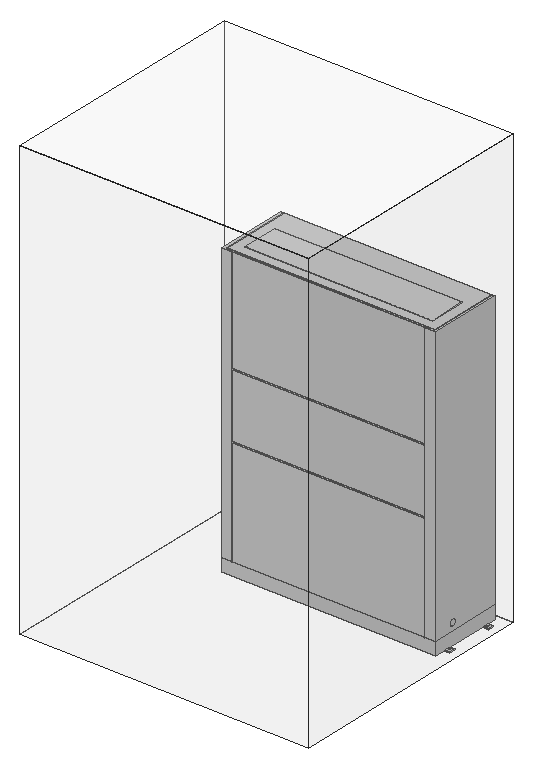
Revit family "pffy-p280rmg9-f_50Hz", category 機械設備, Revit 2019
Family settings
  丸型コネクタ寸法 = 直径を使用
  パーツ タイプ = 標準
  OmniClass 番号 = 23.75.10.24.21.27.27
  OmniClass タイトル = Split System Air Conditioning Units
  作業面ベース = いいえ
  常に垂直 = はい
  ロード時にボイドで切り取り = いいえ
  共有 = いいえ
  部屋計算ポイント = いいえ
Parameters (values of type "PFFY-P280RMG9-F")
  風量（m3／min） = 32.7
  風量 = MAX風量  # 1962.0 m³/h
  音響パワーレベル(dB) = 72
  電源種別 = ""
  電圧_電気ヒーター = 0 V
  電圧 = 200 V
  電動機出力_送風機 = 0.27 kW
  運転質量 = 0.00 kg
  連動 = ""
  質量 = if(製品質量 > 運転質量, 製品質量, 運転質量) * 1.2  # 206.40 kg
  負荷分類 = 3_ファン類
  説明 = "ビル用マルチエアコン オールフレッシュ　室内機"
  設計暖房能力 [instance] = 0 kW
  設計冷房能力_顕熱 [instance] = 0 kW
  設計冷房能力 [instance] = 0 kW
  設置方法 = "床置形"
  記号 [instance] = ""
  製造元 = "三菱電機株式会社"
  製品質量 = 172.00 kg
  製品出荷対象 = "国内"
  製品リリース年月 = "2022年9月15日"
  製品グループ = ""
  系統 [instance] = ""
  符号 = "ACP-FRV(D)"
  積算_科目 = "1 空気調和設備"
  積算_拾い区分 [instance] = ""
  相_電気ヒーター = 1
  相 = 3
  盤記号 [instance] = ""
  発停方法 = ""
  特殊仕様 [instance] = ""
  火災停止 = ""
  消費電力_電気ヒーター = 0 kW
  消費電力_暖房 = 0.38 kW
  消費電力_加湿器 = 0 kW
  消費電力_冷房 = 0.38 kW
  消費電力 = if(消費電力_冷房 > 消費電力_暖房, 消費電力_冷房, 消費電力_暖房) + 消費電力_加湿器 + 消費電力_電気ヒーター  # 0.38 kW
  法定耐用年数 = "15"
  機械基礎質量 [instance] = 0.00 kg
  機械基礎_W = 0 mm
  機械基礎_H = 0 mm
  機械基礎_D = 0 mm
  機械基礎 [instance] = no
  機外静圧 = 150.0 Pa
  極数 = 3
  材質 [instance] = ""
  本体マテリアル = none
  有効加湿量 = 0
  暖房能力 = 26.5 kW
  形式_加湿器 = ""
  形式 = "床置（露出）立形"
  形名 = PFFY-P-RMG : PFFY-P280RMG9
  幹線記号 [instance] = ""
  始動方式 = "直入"
  呼称 = "室内機_床置(露出)立形(ダクト吹)"
  周波数 = 50 Hz
  台数_手元リモコン [instance] = ""
  台数_冷媒分岐ユニット [instance] = ""
  参照している仕様書等のバージョン = "公共建築工事標準仕様書（機械設備工事編）平成31年度版"
  加湿給水管径 = 0.00 mm
  分類コード = "50053003221100"
  分類グループ = ""
  冷房能力 = 28 kW
  冷媒高低圧ガス管径 = 0.00 mm
  冷媒管径符号 = "Bf"
  冷媒管径 = 100.00 mm
  冷媒液管径 = 9.52 mm
  冷媒ガス管径 = 22.20 mm
  価格 = 0
  企業コード = "108420"
  付属品_フィルター = ""
  付属品 [instance] = ""
  仕様書バージョン = "Version1.0"
  モデル = "PFFY-P280RMG9-F"
  ドレン管径 = 34.00 mm
  ダクト高 = 250 mm
  ダクト幅 = 1260 mm
  コメント [instance] = ""
  Keynote = ""
  Width = 1440 mm
  Version = ""
  Uniclass2015Version = "Systems v1.9"
  Uniclass2015Title = "Split coil remote air cooled condensing units"
  Uniclass2015Code = "Pr_70_65_03_84"
  URL = "https://www.mitsubishielectric.co.jp/ldg/wink/ssl/displayProduct.do?pid=317110"
  S寸法 = 0 mm
  SpecificationReference = ""
  SpecificationDescription = ""
  Revision = ""
  ProductInformation = ""
  OmniClassCode = "23-33 17 13 11"
  OAサイズ_W = 430 mm
  OAサイズ_D = 430 mm
  MAX風量 = 風量（m3／min） * 60.0 m³/h  # 1962.0 m³/h
  IfcTypeProduct = ""
  IfcProduct = ""
  IfcExportType = "AIRCONDITIONINGUNIT"
  IfcExportAs = "IfcUnitaryEquipmentType"
  Height = 1950 mm
  Depth = 500 mm
  Clearance Top = 1000 mm
  Clearance Right = 100 mm
  Clearance Left = 400 mm
  Clearance Front = 500 mm
  Clearance Back = 30 mm
  Author = "三菱電機株式会社"
Reference planes
  plane 1: z = -150
  plane 2: z = 1800
  plane 3: z = -150
  plane 4: z = 2800
  plane 5 "中心(正面/背面)": y = -250
  plane 6 "左": x = -720
  plane 7 "右": x = 720
  plane 8 "正面": y = -500
  plane 9 "背面": y = 0
  plane 10: x = 0
  plane 11: x = -875
  plane 12: y = 0
  plane 13: y = -500
  plane 14: x = 720
  plane 15: y = 30
  plane 16: x = 820
  plane 17: x = -1120
  plane 18: y = -1000
  plane 19 "配管_左": x = -723
  plane 20 "電源_右": x = 723
  plane 21 "吸込口_高さ2": z = -45
  plane 22 "吸込口_高さ1": z = 385
  plane 23 "吸込口_幅2": y = -465
  plane 24 "吸込口_幅1": y = -35
Forms (mm)
  Extrusion 1, solid
    sketch origin (-720, 0, 1800) x (0, 0, -1) y (0, -1, 0)
      loop
        line (1415, 35) -> (1845, 35) -> (1845, 465) -> (1415, 465) -> (1415, 35)
    from 0 to 1
Dimensions and locks
  "Height": plane 1 to plane 2
  "Clearance Top": plane 4 to plane 2
  "Width": plane 6 "左" to plane 7 "右"
  equal spacing: plane 8 "正面", plane 5 "中心(正面/背面)", plane 9 "背面"
  "Depth": plane 8 "正面" to plane 9 "背面"
  "S寸法": plane 9 "背面" to plane 12
  "S寸法": plane 13 to plane 8 "正面"
  "S寸法": plane 7 "右" to plane 14
  "Clearance Back": plane 9 "背面" to plane 15
  "Clearance Right": plane 7 "右" to plane 16
  "Clearance Left": plane 17 to plane 6 "左"
  "Clearance Front": plane 18 to plane 8 "正面"
  equal spacing: plane 6 "左", plane 10, plane 7 "右"
  locked: plane 14 to plane 20 "電源_右" at 3
  locked: plane 19 "配管_左" to plane 6 "左" at 3
  aligned and locked: nested 1 to plane 17
  aligned and locked: nested 1 to plane 16
  aligned and locked: plane 15 to nested 1
  aligned and locked: plane 1 to plane 3
  aligned and locked: plane 10 to nested 2
  aligned and locked: plane 4 to nested 1
  aligned and locked: plane 5 "中心(正面/背面)" to nested 2
Automatic sketch dimensions
  Extrusion 1 sketch curve to nested 2 = 35 mm
  nested 2 to Extrusion 1 sketch curve = 450 mm
  nested 2 to Extrusion 1 sketch curve = 20 mm
  nested 2 to Extrusion 1 sketch curve = 35 mm
Nested families
  nested 1: "サービススペース(PFFY-P-DMG)" at (-150, -830, 1325), type "サービススペース(PFFY-P-DMG)"
    with Width 1940 mm, Height 2950 mm, Depth 1720 mm
  nested 2: "PFFY-P-RMG" at (0, -250, -150), type <- "形名", マテリアル1 <- "本体マテリアル", type "PFFY-P280RMG9"
    with 表示 yes, マテリアル2 none, マテリアル1 none
Connectors
  piping at (-723, -325, 760), diameter 100, driven by "冷媒管径符号", driven by "冷媒管径"
    settings: on nested 2, index 1, connector inside diameter 609.60 mm, connector length 0 mm, flow factor 0, pipe flow 0.0 L/s, pressure drop 0.0 Pa, fitting loss kfactor 0, connector angle 0.00°, fixture units 0, engagement length 0 mm, angle of deflection 0.00°, flow configuration 1, flow direction 1, fitting loss method 4, system type 7, joint type 0, gender type 0, connector reference index -1, connector utility 0, adjustable connector no, is connector primary yes, connector description "Bf"
  piping at (-723, -245, -120), diameter 34
    settings: on nested 2, index 2, connector inside diameter 609.60 mm, connector length 0 mm, flow factor 0, pipe flow 0.0 L/s, pressure drop 0.0 Pa, fitting loss kfactor 0, connector angle 0.00°, fixture units 0, engagement length 0 mm, angle of deflection 0.00°, flow configuration 1, flow direction 2, fitting loss method 4, system type 16, joint type 0, gender type 0, connector reference index -1, connector utility 0, adjustable connector no, is connector primary no, connector description ""
  electrical at (723, -360, -10), driven by "電圧", driven by "消費電力", driven by "極数", driven by "負荷分類"
    settings: on nested 2, index 3, voltage 200 V, apparent load 380 VA, apparent load phase1 0 VA, apparent load phase2 0 VA, apparent load phase3 0 VA, power factor 1, load classification "3_ファン類", number of poles 3, system type 30, power factor state 1, is connector primary yes, connector utility no, sub classification motor no, connector description ""
  hvac at (-720, -250, 170), driven by "OAサイズ_D", driven by "OAサイズ_W", driven by "機外静圧", driven by "風量"
    settings: on Extrusion 1, index 4, duct flow 1962.0 m³/h, flow factor 0, pres drop 150.0 Pa, loss coef 0, conn angle 0.00°, conn width 430 mm, conn height 430 mm, conn diameter 609.6 mm, duct sys type 29, conn prof type 1, flow config 0, flow direction 1, loss method 4, conn ref index -1, conn util no, is conn primary yes, conn desc ""
  hvac at (0, -288, 1801), driven by "ダクト幅", driven by "ダクト高", driven by "機外静圧", driven by "風量"
    settings: on nested 2, index 5, duct flow 1962.0 m³/h, flow factor 0, pres drop 150.0 Pa, loss coef 0, conn angle 0.00°, conn width 1260 mm, conn height 250 mm, conn diameter 609.6 mm, duct sys type 1, conn prof type 1, flow config 0, flow direction 2, loss method 4, conn ref index -1, conn util no, is conn primary no, conn desc ""
Definition of nested family "サービススペース(PFFY-P-DMG)"
  Parameters (values of type "サービススペース")
    Width [instance] = 500 mm
    Height [instance] = 500 mm
    Depth [instance] = 500 mm
  Reference planes
    plane 1 "中心(正面/背面)": y = 0
    plane 2: z = 0
    plane 3 "中心(左/右)": x = 0
    plane 4: y = -250
    plane 5: x = 250
    plane 6: y = 250
    plane 7: x = -250
    plane 8: z = 250
    plane 9: z = -250
  Forms (mm)
    Extrusion 1, solid
      sketch origin (-638.939, 0, 72.39) x (1, 0, 0) y (0, 1, 0)
        loop
          line (388.939, 250) -> (388.939, -250) -> (888.939, -250) -> (888.939, 250) -> (388.939, 250)
      from -322.39 to 177.61
  Lines and regions (mm)
    symbolic lines
      curve 1: line (-250, 0, 250) -> (250, 0, 250)
      curve 2: line (-250, 0, -250) -> (-250, 0, 250)
      curve 3: line (250, 0, -250) -> (-250, 0, -250)
      curve 4: line (250, 0, 250) -> (250, 0, -250)
      curve 5: line (0, -250, 250) -> (0, 250, 250)
      curve 6: line (0, -250, -250) -> (0, -250, 250)
      curve 7: line (0, 250, -250) -> (0, -250, -250)
      curve 8: line (0, 250, 250) -> (0, 250, -250)
      curve 9: line (-250, 250, 0) -> (250, 250, 0)
      curve 10: line (-250, -250, 0) -> (-250, 250, 0)
      curve 11: line (250, -250, 0) -> (-250, -250, 0)
      curve 12: line (250, 250, 0) -> (250, -250, 0)
  Dimensions and locks
    equal spacing: plane 7, plane 3 "中心(左/右)", plane 5
    equal spacing: plane 4, plane 1 "中心(正面/背面)", plane 6
    "Depth": plane 4 to plane 6
    "Width": plane 7 to plane 5
    equal spacing: plane 8, plane 2, plane 9
    "Height": plane 8 to plane 9
    aligned and locked: plane 9 to curve 3
    aligned and locked: plane 7 to curve 2
    aligned and locked: curve 4 to plane 5
    aligned and locked: plane 5 to Extrusion 1
    aligned and locked: Extrusion 1 to plane 7
    aligned and locked: Extrusion 1 to plane 9
    aligned and locked: plane 8 to Extrusion 1
    aligned and locked: plane 9 to curve 7
  Automatic sketch dimensions
    plane 4 to Extrusion 1 sketch curve = 0 mm
    Extrusion 1 sketch curve to plane 7 = 0 mm
    Extrusion 1 sketch curve to plane 5 = 0 mm
    plane 6 to Extrusion 1 sketch curve = 0 mm
    curve 2 to plane 8 = 0 mm
    plane 4 to curve 11 = 0 mm
    curve 11 to plane 7 = 0 mm
    curve 11 to plane 5 = 0 mm
    plane 6 to curve 10 = 0 mm
    curve 7 to plane 4 = 0 mm
    curve 7 to plane 6 = 0 mm
    curve 6 to plane 8 = 0 mm
Definition of nested family "PFFY-P-RMG"
  Parameters (values of type "PFFY-P280RMG9")
    液径 = 9.52 mm
    液-W = 0 mm
    液-H = 910 mm
    液-D = 225 mm
    高 = 1950 mm
    電源径 = 36 mm
    電源-W = 0 mm
    電源-H = 140 mm
    電源-D = 140 mm
    表示 [instance] = yes
    幅 = 1440 mm
    奥行 = 500 mm
    吹出し口-W = 1260 mm
    吹出し口-D = 250 mm
    吊りボルト径 = 12 mm
    吊りボルト-W = 1482 mm
    吊りボルト-D = 320 mm
    吊りボルト-H = 0 mm
    冷媒径 = 100 mm
    ガス径 = 22.2 mm
    ガス-W = 0 mm
    ガス-H = 910 mm
    ガス-D = 125 mm
    マテリアル2 [instance] = none
    マテリアル1 [instance] = none
    ドレン径 = 34 mm  # constant formula
    ドレン-W = 0 mm
    ドレン-H = 30 mm
    ドレン-D = 255 mm
  Types (4, lengths in mm): name | 幅 | 吹出し口-W | 吊りボルト-W | ガス径
    PFFY-P280RMG9 | 1440 | 1260 | 1482 | 22.2
    PFFY-P112RMG9 | 980 | 800 | 1022 | 15.88
    PFFY-P140RMG9 | 980 | 800 | 1022 | 15.88
    PFFY-P224RMG9 | 1200 | 1020 | 1242 | 19.05
  Reference planes
    plane 1 "中心(正面/背面)": y = 0
    plane 2: z = 0
    plane 3 "中心(左/右)": x = 0
    plane 4: x = 720
    plane 5: x = -720
    plane 6: y = 250
    plane 7: y = -250
    plane 8: z = 1250
    plane 9: z = 1950
    plane 10: z = 85
    plane 11 "吊りボルト-W2": x = 741
    plane 12 "吊りボルト-W1": x = -741
    plane 13 "ドレン-H": z = 30
    plane 14 "電源穴-H": z = 140
    plane 15: z = 910
    plane 16: z = 910
    plane 17: z = 1240
    plane 18: x = 760
    plane 19: x = -760
    plane 20: y = 130
    plane 21: z = 5
    plane 22 "冷媒管-H": z = 910
    plane 23: z = 800
    plane 24: z = 810
    plane 25 "67-20": y = -183
    plane 26 "吹出し口-D2": y = -163
    plane 27 "吹出し口-D1": y = 87
    plane 28: x = 650
    plane 29 "吹出し口-幅2": x = 630
    plane 30 "吹出し口-幅1": x = -630
    plane 31 "20": x = -650
    plane 32 "吊りボルト-D2": y = -155
    plane 33 "吊りボルト-D1": y = 165
    plane 34 "ドレン-D": y = 5
    plane 35 "冷媒管-D": y = -75
    plane 36 "ガス-D": y = -125
    plane 37 "液-D": y = -25
    plane 38 "電源-D": y = -110
    plane 39 "電源穴-D": y = -110
    plane 40 "ガス": y = -125
    plane 41 "液": y = -25
    plane 42 "制御箱-幅": x = -920
    plane 43 "制御箱-高さ位置": z = 1490
    plane 44 "制御箱-高さ": z = 1154
    plane 45 "制御箱-奥行位置": y = 18
    plane 46 "制御箱-奥行": y = 133
  Forms (mm)
    Extrusion 1, solid, material <- "マテリアル1", visible <- "表示", detail levels fine
      sketch origin (0, 0, -400) x (1, 0, 0) y (0, 1, 0)
        loop
          line (650, -230) -> (-650, -230) -> (-650, -247) -> (650, -247) -> (650, -230)
      from 1650 to 2350
    Extrusion 2, solid, material <- "マテリアル1", visible <- "表示", detail levels fine
      sketch origin (0, 0, -800) x (1, 0, 0) y (0, 1, 0)
        loop
          line (-650, -247) -> (650, -247) -> (650, -230) -> (-650, -230) -> (-650, -247)
      from 885 to 1600
    Extrusion 3, solid, material <- "マテリアル2", visible <- "表示", detail levels fine
      sketch origin (0, 0, 0) x (1, 0, 0) y (0, 1, 0)
        loop
          line (720, 185) -> (720, 145) -> (760, 145) -> (760, 185) -> (720, 185)
        loop
          line (720, -137.5) -> (720, -177.5) -> (760, -177.5) -> (760, -137.5) -> (720, -137.5)
        loop
          line (-760, 185) -> (-760, 145) -> (-720, 145) -> (-720, 185) -> (-760, 185)
        loop
          line (-760, -137.5) -> (-760, -177.5) -> (-720, -177.5) -> (-720, -137.5) -> (-760, -137.5)
        loop
          circle (-741, 165) r 6
        loop
          circle (741, 165) r 6
        loop
          circle (741, -155) r 6
        loop
          circle (-741, -155) r 6
      from 0 to 5
    Extrusion 4, solid, material <- "マテリアル1", visible <- "表示", detail levels fine
      sketch origin (-1437.329, -1524, 1748) x (-1, 0, 0) y (0, -1, 0)
        loop
          line (-717.329, -1774) -> (-717.329, -1274) -> (-787.329, -1274) -> (-787.329, -1294) -> (-737.329, -1294) -> (-737.329, -1774) -> (-717.329, -1774)
        loop
          line (-2137.329, -1774) -> (-2137.329, -1294) -> (-2087.329, -1294) -> (-2087.329, -1274) -> (-2157.329, -1274) -> (-2157.329, -1774) -> (-2137.329, -1774)
      from -1663 to 202
    Extrusion 5, solid, material <- "マテリアル1", visible <- "表示", detail levels fine
      sketch origin (-1437.329, -1524, 1748) x (-1, 0, 0) y (0, -1, 0)
        loop
          line (-2137.329, -1774) -> (-737.329, -1774) -> (-737.329, -1294) -> (-2137.329, -1294) -> (-2137.329, -1774)
      from -1663 to 202
    Extrusion 6, solid, material <- "マテリアル2", visible <- "表示", detail levels fine
      sketch origin (-1437.329, -1524, 1748) x (-1, 0, 0) y (0, -1, 0)
        loop
          line (-717.329, -1774) -> (-717.329, -1274) -> (-2157.329, -1274) -> (-2157.329, -1774) -> (-717.329, -1774)
      from -1748 to -1663
    Extrusion 7, solid, material <- "マテリアル2", visible <- "表示", detail levels fine
      sketch origin (720, 1296.25, 1200) x (0, 1, 0) y (0, 0, 1)
        loop
          circle (-1406.25, -1060) r 18
      from 0 to 3
    Extrusion 8, solid, material <- "マテリアル1", visible <- "表示", detail levels fine
      sketch origin (0, 0, -360) x (1, 0, 0) y (0, 1, 0)
        loop
          line (-650, -247) -> (650, -247) -> (650, -230) -> (-650, -230) -> (-650, -247)
      from 1170 to 1600
    Extrusion 9, solid, detail levels fine
      sketch origin (-1437.329, -1524, 1950) x (-1, 0, 0) y (0, -1, 0)
        loop
          line (-2067.329, -1361) -> (-2067.329, -1611) -> (-807.329, -1611) -> (-807.329, -1361) -> (-2067.329, -1361)
      from 0 to 1
    Extrusion 10, solid, detail levels fine
      sketch origin (-720, -250, 1748) x (0, 1, 0) y (0, 0, -1)
        loop
          circle (175, 838) r 50
      from 0 to 3
    Extrusion 11, solid, detail levels fine
      sketch origin (-720, -250, 1748) x (0, 1, 0) y (0, 0, -1)
        loop
          circle (255, 1718) r 17
      from 0 to 3
    Extrusion 12, solid, detail levels fine
      sketch origin (-720, -250, 1748) x (0, 1, 0) y (0, 0, -1)
        loop
          circle (125, 838) r 11.1
        loop
          circle (225, 838) r 4.76
      from 0 to 3
    Extrusion 13, solid, detail levels fine
      sketch origin (-1437.329, -1524, 1154) x (-1, 0, 0) y (0, -1, 0)
        loop
          line (-717.329, -1657) -> (-517.329, -1657) -> (-517.329, -1542) -> (-717.329, -1542) -> (-717.329, -1657)
      from 0 to 336
  Lines and regions (mm)
    Masking region 1, visible <- "表示", detail levels coarse+medium
      outline origin (0, 0, 0) x (1, 0, 0) y (0, 1, 0)
        loop
          line (-720, 250) -> (-720, -250) -> (720, -250) -> (720, 250) -> (-720, 250)
    symbolic lines, visible <- "表示"
      curve 1: line (-720, 250, 1748) -> (-720, -250, 1748)
      curve 2: line (-720, -250, 1748) -> (720, -250, 1748)
      curve 3: line (720, -250, 1748) -> (720, 250, 1748)
      curve 4: line (720, 250, 1748) -> (-720, 250, 1748)
  Dimensions and locks
    equal spacing: plane 7, plane 1 "中心(正面/背面)", plane 6
    "奥行": plane 7 to plane 6
    equal spacing: plane 5, plane 3 "中心(左/右)", plane 4
    "幅": plane 5 to plane 4
    plane 10 to level = 85 mm
    equal spacing: plane 12 "吊りボルト-W1", plane 3 "中心(左/右)", plane 11 "吊りボルト-W2"
    "吊りボルト-W": plane 12 "吊りボルト-W1" to plane 11 "吊りボルト-W2"
    "ドレン-H": plane 13 "ドレン-H" to level
    "電源-H": plane 14 "電源穴-H" to level
    "液-H": plane 15 to level
    plane 9 to plane 8 = 700 mm
    "ガス-H": plane 16 to level
    locked: plane 8 to plane 17 at 10
    locked: plane 19 to plane 5 at 40
    locked: plane 4 to plane 18 at 40
    locked: plane 21 to level at 5
    "高": plane 9 to level
    locked: plane 24 to plane 23 at 10
    plane 23 to level = 800 mm
    locked: plane 7 to plane 25 "67-20" at 67
    "吹出し口-D": plane 26 "吹出し口-D2" to plane 27 "吹出し口-D1"
    locked: plane 25 "67-20" to plane 26 "吹出し口-D2" at 20
    locked: plane 28 to plane 4 at 70
    locked: plane 29 "吹出し口-幅2" to plane 28 at 20
    "吹出し口-W": plane 30 "吹出し口-幅1" to plane 29 "吹出し口-幅2"
    locked: plane 31 "20" to plane 30 "吹出し口-幅1" at 20
    locked: plane 7 to plane 32 "吊りボルト-D2" at 95
    "吊りボルト-D": plane 32 "吊りボルト-D2" to plane 33 "吊りボルト-D1"
    plane 7 to plane 45 "制御箱-奥行位置" = 268 mm
    plane 45 "制御箱-奥行位置" to plane 46 "制御箱-奥行" = 115 mm
    plane 9 to plane 43 "制御箱-高さ位置" = 460 mm
    plane 43 "制御箱-高さ位置" to plane 44 "制御箱-高さ" = 336 mm
    "吊りボルト径": diameter of Extrusion 3 sketch curve  (x4)
    "電源径": diameter of Extrusion 7 sketch curve
    "冷媒径": diameter of Extrusion 10 sketch curve
    "ドレン径": diameter of Extrusion 11 sketch curve
    "ガス径": diameter of Extrusion 12 sketch curve
    "液径": diameter of Extrusion 12 sketch curve
    aligned and locked: level to plane 2
    aligned and locked: Extrusion 2 to plane 10
    aligned and locked: Extrusion 1 to plane 8
    aligned and locked: Extrusion 4 to plane 10
    aligned and locked: plane 9 to Extrusion 4
    aligned and locked: plane 9 to Extrusion 1
    aligned and locked: Extrusion 4 sketch curve to plane 7
    aligned and locked: Extrusion 5 sketch curve to plane 6
    aligned and locked: plane 9 to Extrusion 5
    aligned and locked: Extrusion 5 to plane 10
    aligned and locked: plane 4 to Extrusion 3 sketch curve  (x2)
    aligned and locked: Extrusion 3 sketch curve to plane 18  (x2)
    aligned and locked: plane 19 to Extrusion 3 sketch curve  (x2)
    aligned and locked: Extrusion 3 sketch curve to plane 5  (x2)
    aligned and locked: plane 12 "吊りボルト-W1" to Extrusion 3 sketch curve  (x2)
    aligned and locked: plane 11 "吊りボルト-W2" to Extrusion 3 sketch curve  (x2)
    aligned and locked: Extrusion 3 to level
    aligned and locked: plane 21 to Extrusion 3
    aligned and locked: Extrusion 6 sketch curve to Extrusion 4
    aligned and locked: Extrusion 6 sketch curve to Extrusion 5
    aligned and locked: Extrusion 6 to level
    aligned and locked: plane 10 to Extrusion 6
    aligned and locked: Masking region 1 sketch curve to Extrusion 6
    aligned and locked: Masking region 1 sketch curve to Extrusion 4
    aligned and locked: Masking region 1 sketch curve to plane 7
    aligned and locked: Masking region 1 sketch curve to plane 4
    aligned and locked: plane 14 "電源穴-H" to Extrusion 7 sketch curve
    aligned and locked: Extrusion 7 to plane 4
    aligned and locked: plane 23 to Extrusion 2
    aligned and locked: Extrusion 8 to plane 24
    aligned and locked: plane 30 "吹出し口-幅1" to Extrusion 9 sketch curve
    aligned and locked: nested 1 to plane 11 "吊りボルト-W2"
    aligned and locked: plane 33 "吊りボルト-D1" to nested 1
    aligned and locked: plane 32 "吊りボルト-D2" to nested 1
    aligned and locked: plane 12 "吊りボルト-W1" to nested 1
  Automatic sketch dimensions
    plane 7 to curve 2 = 0 mm
    plane 6 to Extrusion 4 sketch curve = 0 mm  (x2)
    Extrusion 4 sketch curve to plane 5 = 0 mm
    plane 5 to Extrusion 1 sketch curve = 70 mm
    plane 5 to Extrusion 2 sketch curve = 70 mm
    Extrusion 4 sketch curve to plane 4 = 20 mm
    plane 5 to Extrusion 4 sketch curve = 20 mm
    Extrusion 5 sketch curve to plane 4 = 20 mm
    plane 5 to Extrusion 5 sketch curve = 20 mm
    plane 5 to Extrusion 8 sketch curve = 70 mm
    Extrusion 1 sketch curve to plane 7 = 3 mm
    Extrusion 1 sketch curve to Extrusion 1 sketch curve = 17 mm
    Extrusion 2 sketch curve to plane 7 = 3 mm
    Extrusion 2 sketch curve to Extrusion 2 sketch curve = 17 mm
    Extrusion 4 sketch curve to plane 7 = 20 mm  (x2)
    Extrusion 5 sketch curve to plane 7 = 20 mm
    Extrusion 8 sketch curve to plane 7 = 3 mm
    Extrusion 8 sketch curve to Extrusion 8 sketch curve = 17 mm
    curve 2 to plane 5 = 0 mm
    plane 6 to curve 4 = 0 mm
    curve 3 to plane 4 = 0 mm
    Extrusion 4 sketch curve to Extrusion 4 sketch curve = 70 mm
    Extrusion 1 sketch curve to plane 4 = 70 mm
    Extrusion 2 sketch curve to plane 4 = 70 mm
    Extrusion 8 sketch curve to plane 4 = 70 mm
    Extrusion 9 sketch curve to Extrusion 5 = 70 mm
    Extrusion 9 sketch curve to Extrusion 5 = 163 mm
    Extrusion 9 sketch curve to Extrusion 5 = 67 mm
    Extrusion 4 sketch curve to plane 31 "20" = 0 mm
    plane 7 to Extrusion 4 sketch curve = 0 mm
    Extrusion 4 sketch curve to plane 4 = 0 mm
    Extrusion 6 sketch curve to plane 4 = 0 mm
    plane 7 to Extrusion 6 sketch curve = 0 mm
    Extrusion 13 sketch curve to plane 5 = 0 mm
    Extrusion 13 sketch curve to plane 42 "制御箱-幅" = 0 mm
    plane 46 "制御箱-奥行" to Extrusion 13 sketch curve = 0 mm
    plane 45 "制御箱-奥行位置" to Extrusion 13 sketch curve = 0 mm
    plane 32 "吊りボルト-D2" to Extrusion 3 sketch curve = 0 mm  (x2)
    plane 33 "吊りボルト-D1" to Extrusion 3 sketch curve = 0 mm  (x2)
    Extrusion 3 sketch curve to plane 25 "67-20" = 5.5 mm  (x2)
    Extrusion 3 sketch curve to plane 40 "ガス" = 12.5 mm  (x2)
    Extrusion 3 sketch curve to plane 46 "制御箱-奥行" = 12 mm  (x2)
    Extrusion 3 sketch curve to plane 33 "吊りボルト-D1" = 20 mm  (x2)
    Extrusion 7 sketch curve to plane 38 "電源-D" = 0 mm
    Extrusion 10 sketch curve to Extrusion 4 = 175 mm
    Extrusion 4 to Extrusion 10 sketch curve = 825 mm
    Extrusion 11 sketch curve to Extrusion 4 = 55 mm
    Extrusion 4 to Extrusion 11 sketch curve = 245 mm
    Extrusion 12 sketch curve to Extrusion 4 = 125 mm
    Extrusion 12 sketch curve to Extrusion 12 sketch curve = 100 mm
    Extrusion 4 to Extrusion 12 sketch curve = 825 mm
    Extrusion 12 sketch curve to Extrusion 12 sketch curve = 0 mm
  Nested families
    nested 1: "固定点" at (-741, -155, 0), visible <- "表示", D <- "吊りボルト-D", W <- "吊りボルト-W", type "固定点", detail levels fine
      with W 1482 mm, D 320 mm, 中心円 12 mm
  Definition of nested family "固定点"
    Parameters (values of type "固定点")
      中心円 = 20 mm
      W [instance] = 1000 mm
      D [instance] = 1000 mm
    Reference planes
      plane 1 "中心(正面/背面)": y = 0
      plane 2: z = 0
      plane 3 "中心(左/右)": x = 0
      plane 4: x = 1000
      plane 5: y = 1000
    Lines and regions (mm)
      symbolic lines, detail levels fine
        curve 1: circle (0, 1000, 0) r 10 normal (0, 0, 1)
        curve 2: circle (0, 0, 0) r 10 normal (0, 0, 1)
        curve 3: circle (1000, 1000, 0) r 10 normal (0, 0, 1)
        curve 4: circle (1000, 0, 0) r 10 normal (0, 0, 1)
        curve 5: line (-200, 1000, 0) -> (1200, 1000, 0)
        curve 6: line (-200, 0, 0) -> (1200, 0, 0)
        curve 7: line (0, 1200, 0) -> (0, -200, 0)
        curve 8: line (1000, 1200, 0) -> (1000, -200, 0)
    Dimensions and locks
      "W": plane 3 "中心(左/右)" to plane 4
      "D": plane 1 "中心(正面/背面)" to plane 5
      "中心円": diameter of curve 1
      "中心円": diameter of curve 2
      "中心円": diameter of curve 3
      "中心円": diameter of curve 4
      aligned and locked: level to plane 2
      aligned and locked: plane 5 to curve 1
      aligned and locked: plane 3 "中心(左/右)" to curve 1
      aligned and locked: plane 3 "中心(左/右)" to curve 2
      aligned and locked: plane 1 "中心(正面/背面)" to curve 2
      aligned and locked: plane 4 to curve 3
      aligned and locked: plane 5 to curve 3
      aligned and locked: plane 1 "中心(正面/背面)" to curve 4
      aligned and locked: plane 4 to curve 4
      aligned and locked: plane 1 "中心(正面/背面)" to curve 6
      aligned and locked: curve 7 to plane 3 "中心(左/右)"
      aligned and locked: curve 8 to plane 4
    Automatic sketch dimensions
      curve 5 to plane 5 = 0 mm
      curve 6 to plane 3 "中心(左/右)" = 200 mm
      curve 5 to plane 3 "中心(左/右)" = 200 mm
      curve 4 to curve 6 = 200 mm
      curve 3 to curve 5 = 200 mm
      plane 1 "中心(正面/背面)" to curve 8 = 200 mm
      plane 1 "中心(正面/背面)" to curve 7 = 200 mm
      curve 3 to curve 8 = 200 mm
      curve 1 to curve 7 = 200 mm
